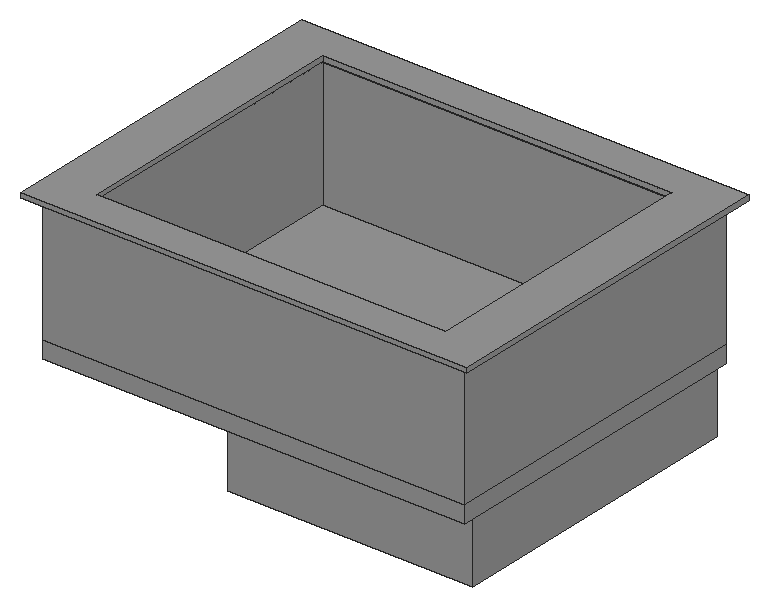
Revit family "Kühlwanne stille Kühlung GN1-1 - Zentral", category Sonderausstattung, Revit 2015
Parameters (values of type "2xGN1-1")
  Watt = 40 W
  Wand vorne Stärke = 40 mm  # constant formula
  Wand hinten Stärke = 40 mm  # constant formula
  Tiefe ohne Rahmen = Tiefe - 2 mm * 22.5  # 590 mm
  Tiefe = 635 mm  # constant formula
  Temp. Bereich = "4°C bis +10°C"
  Spannung = 230 V
  Scheinleistung = 0 VA
  Rand Stärke = 8.5 mm  # constant formula
  Rand Breite vorne = 62.5 mm  # constant formula
  Rand Breite seitlich = 87.5 mm  # constant formula
  Rand Breite hinten = 62.5 mm  # constant formula
  Pole = 1
  Material = Edelstahl AISI 304
  Kältemittel = "R404a"
  Kälteleistung = "1050 W / -10°C VT"
  Kapazität = "2 x GN 1/1, Tiefe 30 - 200 mm"
  Installationshöhe [instance] = 750 mm
  Höhe Wanne = 270 mm  # constant formula
  Höhe Technikgehäuse = 110 mm  # constant formula
  Höhe = Höhe Wanne + Höhe Technikgehäuse  # 380 mm
  DN Tauwasserabfluß = 25.4 mm
  DN Saugleitung = 10 mm
  DN Flüssigkeitsleitung = 6 mm
  Breite ohne Rahmen = Breite - 2 mm * 22  # 761 mm
  Breite Technikgehäuse = 442 mm  # constant formula
  Wand Seiten Stärke = 65.5 mm  # constant formula
  Breite = 805 mm
  Boden Stärke = 30 mm  # constant formula
  Artikelnr. = "KWOS021100"
Types (4, lengths in mm): name | Kälteleistung | Kapazität | Breite ohne Rahmen | Breite | Artikelnr.
  2xGN1-1 | "1050 W / -10°C VT" | "2 x GN 1/1, Tiefe 30 - 200 mm" | 761 | 805 | "KWOS021100"
  3xGN1-1 | "1050 W / -10°C VT" | "3 x GN 1/1, Tiefe 30 - 200 mm" | 1091 | 1135 | "KWOS031100"
  4xGN1-1 | "1050 W / -10°C VT" | "4 x GN 1/1, Tiefe 30 - 200 mm" | 1411 | 1455 | "KWOS041100"
  5xGN1-1 | "1330 W / -10°C VT" | "5 x GN 1/1, Tiefe 30 - 200 mm" | 1736 | 1780 | "KWOS051100"
Reference planes
  plane 1 "Mitte (Vorne/Hinten)": y = 0
  plane 2: z = 0
  plane 3 "Mitte (Links/Rechts)": x = 0
  plane 4: y = -635
  plane 5: x = -805
  plane 6: z = 750
  plane 7: z = 480
  plane 8 "UK": z = 370
  plane 9: x = -464
  plane 10: x = -783
  plane 11: x = -22
  plane 12: y = -22.5
  plane 13: y = -612.5
  plane 14: y = -62.5
  plane 15: y = -572.5
  plane 16: x = -717.5
  plane 17: x = -87.5
  plane 18: z = 510
  plane 19: z = 741.5
  plane 20 "Technikgehäuse vorne": y = -592.5
  plane 21: y = -42.5
  plane 22: y = -62.5
  plane 23: y = -572.5
  plane 24 "Elektroanschluss": z = 370
  plane 25: y = -384.5
  plane 26 "Tauwasserabfluß": z = 370
  plane 27: y = -102.5
  plane 28: x = -403
  plane 29: x = -264
  plane 30: x = -84
  plane 31: y = -255
  plane 32: x = -34
  plane 33: x = -717.5
  plane 34: x = -87.5
Forms (mm)
  Extrusion 1, solid, material "Edelstahl AISI 304" <- "Material"
    sketch origin (0, 0, 150) x (-1, 0, 0) y (0, -1, 0)
      loop
        line (22, 42.5) -> (464, 42.5) -> (464, 592.5) -> (22, 592.5) -> (22, 42.5)
    from 330 to 220
  Extrusion 2, solid, material "Edelstahl AISI 304" <- "Material", detail levels medium+fine
    sketch origin (0, 0, 150) x (-1, 0, 0) y (0, -1, 0)
      loop
        line (783, 22.5) -> (783, 612.5) -> (22, 612.5) -> (22, 22.5) -> (783, 22.5)
      loop
        line (87.5, 572.5) -> (87.5, 62.5) -> (717.5, 62.5) -> (717.5, 572.5) -> (87.5, 572.5)
    from 591.5 to 360
  Extrusion 3, solid, material "Edelstahl AISI 304" <- "Material", detail levels medium+fine
    sketch origin (0, 0, 150) x (-1, 0, 0) y (0, -1, 0)
      loop
        line (783, 22.5) -> (783, 612.5) -> (22, 612.5) -> (22, 22.5) -> (783, 22.5)
    from 360 to 330
  Extrusion 4, solid, material "Edelstahl AISI 304" <- "Material", detail levels fine
    sketch origin (0, 0, 150) x (-1, 0, 0) y (0, -1, 0)
      loop
        line (805, 0) -> (805, 635) -> (0, 635) -> (0, 0) -> (805, 0)
      loop
        line (717.5, 62.5) -> (717.5, 572.5) -> (87.5, 572.5) -> (87.5, 62.5) -> (717.5, 62.5)
    from 600 to 591.5
  Extrusion 5, solid, not visible
    sketch origin (0, 0, 370) x (0, -1, 0) y (1, 0, 0)
      loop
        circle (102.5, -403) r 20
    from 0 to 2
  Extrusion 6, solid, not visible
    sketch origin (0, 0, 370) x (0, -1, 0) y (1, 0, 0)
      loop
        circle (384.5, -264) r 20
    from 0 to 2
  Extrusion 7, solid, not visible
    sketch origin (0, 0, 370) x (0, -1, 0) y (1, 0, 0)
      loop
        circle (255, -84) r 5
    from 0 to 2
  Extrusion 8, solid, not visible
    sketch origin (0, 0, 370) x (0, -1, 0) y (1, 0, 0)
      loop
        circle (255, -34) r 3
    from 0 to 2
  Extrusion 9, solid, material "Edelstahl AISI 304" <- "Material", detail levels coarse
    sketch origin (0, 0, 370) x (0, -1, 0) y (1, 0, 0)
      loop
        line (22.5, -783) -> (612.5, -783) -> (612.5, -22) -> (22.5, -22) -> (22.5, -783)
    from 371.5 to 110
Dimensions and locks
  "Breite": plane 5 to plane 3 "Mitte (Links/Rechts)"
  "Tiefe": plane 4 to plane 1 "Mitte (Vorne/Hinten)"
  "Installationshöhe": plane 6 to level
  "Höhe Wanne": plane 6 to plane 7
  locked: plane 13 to plane 4 at 22.5
  locked: plane 1 "Mitte (Vorne/Hinten)" to plane 12 at 22.5
  locked: plane 5 to plane 10 at 22
  locked: plane 11 to plane 3 "Mitte (Links/Rechts)" at 22
  "Wand Seiten Stärke": plane 10 to plane 16
  "Wand Seiten Stärke": plane 17 to plane 11
  "Wand vorne Stärke": plane 13 to plane 15
  "Wand hinten Stärke": plane 12 to plane 14
  "Boden Stärke": plane 18 to plane 7
  "Rand Stärke": plane 6 to plane 19
  locked: plane 12 to plane 21 at 20
  locked: plane 13 to plane 20 "Technikgehäuse vorne" at 20
  "Rand Breite hinten": plane 22 to plane 1 "Mitte (Vorne/Hinten)"
  "Rand Breite vorne": plane 23 to plane 4
  "Höhe Technikgehäuse": plane 7 to plane 8 "UK"
  locked: plane 8 "UK" to plane 24 "Elektroanschluss"
  locked: plane 8 "UK" to plane 26 "Tauwasserabfluß"
  locked: plane 28 to plane 9 at 61
  locked: plane 29 to plane 28 at 139
  locked: plane 30 to plane 29 at 180
  locked: plane 32 to plane 30 at 50
  "Rand Breite seitlich": plane 5 to plane 33
  "Rand Breite seitlich": plane 34 to plane 3 "Mitte (Links/Rechts)"
  "Breite Technikgehäuse": plane 9 to plane 11
  locked: plane 20 "Technikgehäuse vorne" to plane 25 at 208
  plane 25 to plane 31 = 129.5 mm
  plane 31 to plane 27 = 152.5 mm
  "DN Saugleitung": diameter of Extrusion 7 sketch curve
  "DN Flüssigkeitsleitung": diameter of Extrusion 8 sketch curve
  aligned and locked: level to plane 2
  aligned and locked: plane 7 to Extrusion 1
  aligned and locked: plane 8 "UK" to Extrusion 1
  aligned and locked: plane 19 to Extrusion 2
  aligned and locked: Extrusion 2 to plane 18
  aligned and locked: plane 18 to Extrusion 3
  aligned and locked: Extrusion 3 to plane 7
  aligned and locked: plane 6 to Extrusion 4
  aligned and locked: Extrusion 4 to plane 19
  aligned and locked: Extrusion 4 sketch curve to plane 33
  aligned and locked: Extrusion 4 sketch curve to plane 34
  aligned and locked: Extrusion 1 to plane 11
  aligned and locked: plane 19 to Extrusion 9
  aligned and locked: Extrusion 9 to plane 7
Automatic sketch dimensions
  Extrusion 1 sketch curve to plane 9 = 0 mm
  Extrusion 1 sketch curve to plane 21 = 0 mm
  plane 20 "Technikgehäuse vorne" to Extrusion 1 sketch curve = 0 mm
  Extrusion 2 sketch curve to plane 11 = 0 mm
  Extrusion 2 sketch curve to plane 14 = 0 mm
  Extrusion 2 sketch curve to plane 17 = 0 mm
  plane 15 to Extrusion 2 sketch curve = 0 mm
  Extrusion 2 sketch curve to plane 16 = 0 mm
  Extrusion 2 sketch curve to plane 10 = 0 mm
  Extrusion 2 sketch curve to plane 12 = 0 mm
  plane 13 to Extrusion 2 sketch curve = 0 mm
  Extrusion 3 sketch curve to plane 11 = 0 mm
  Extrusion 3 sketch curve to plane 10 = 0 mm
  Extrusion 3 sketch curve to plane 12 = 0 mm
  plane 13 to Extrusion 3 sketch curve = 0 mm
  plane 1 "Mitte (Vorne/Hinten)" to Extrusion 4 sketch curve = 0 mm
  Extrusion 4 sketch curve to plane 3 "Mitte (Links/Rechts)" = 0 mm
  Extrusion 4 sketch curve to plane 5 = 0 mm
  Extrusion 4 sketch curve to plane 22 = 0 mm
  Extrusion 4 sketch curve to plane 23 = 0 mm
  Extrusion 4 sketch curve to plane 4 = 0 mm
  plane 27 to Extrusion 5 sketch curve = 0 mm
  Extrusion 5 sketch curve to plane 28 = 0 mm
  plane 25 to Extrusion 6 sketch curve = 0 mm
  Extrusion 6 sketch curve to plane 29 = 0 mm
  Extrusion 1 sketch curve to plane 11 = 0 mm
  Extrusion 9 sketch curve to plane 11 = 0 mm
  Extrusion 9 sketch curve to plane 12 = 0 mm
  Extrusion 9 sketch curve to plane 10 = 0 mm
  plane 13 to Extrusion 9 sketch curve = 0 mm
  Extrusion 7 sketch curve to plane 30 = 0 mm
  plane 31 to Extrusion 7 sketch curve = 0 mm
  plane 31 to Extrusion 8 sketch curve = 0 mm
  Extrusion 8 sketch curve to plane 32 = 0 mm
  radius of Extrusion 5 sketch curve = 20 mm
  radius of Extrusion 6 sketch curve = 20 mm
Connectors
  electrical at (-264, -384.5, 370), driven by "Spannung", driven by "Scheinleistung", driven by "Pole"
    settings: on Extrusion 6, index 1, voltage 230 V, apparent load 0 VA, apparent load phase1 0 VA, apparent load phase2 0 VA, apparent load phase3 0 VA, power factor 1, load classification "Sonstige", number of poles 1, system type 31, power factor state 1, is connector primary yes, connector utility no, sub classification motor no, connector description ""
  piping at (-403, -102.5, 370), diameter 25.4, driven by "DN Tauwasserabfluß"
    settings: on Extrusion 5, index 2, connector inside diameter 609.6 mm, connector length 0 mm, flow factor 0, pipe flow 0.0 L/s, pressure drop 0.0 Pa, fitting loss kfactor 0, connector angle 0.00°, fixture units 0, engagement length 0 mm, angle of deflection 0.00°, flow configuration 1, flow direction 2, fitting loss method 0, system type 16, joint type 0, gender type 0, connector reference index -1, connector utility 0, adjustable connector no, is connector primary yes, connector description ""
  piping at (-84, -255, 370), diameter 10, driven by "DN Saugleitung"
    settings: on Extrusion 7, index 3, connector inside diameter 609.6 mm, connector length 0 mm, flow factor 0, pipe flow 0.0 L/s, pressure drop 0.0 Pa, fitting loss kfactor 0, connector angle 0.00°, fixture units 0, engagement length 0 mm, angle of deflection 0.00°, flow configuration 1, flow direction 1, fitting loss method 0, system type 22, joint type 0, gender type 0, connector reference index -1, connector utility 0, adjustable connector no, is connector primary no, connector description ""
  piping at (-34, -255, 370), diameter 6, driven by "DN Flüssigkeitsleitung"
    settings: on Extrusion 8, index 4, connector inside diameter 609.6 mm, connector length 0 mm, flow factor 0, pipe flow 0.0 L/s, pressure drop 0.0 Pa, fitting loss kfactor 0, connector angle 0.00°, fixture units 0, engagement length 0 mm, angle of deflection 0.00°, flow configuration 1, flow direction 1, fitting loss method 0, system type 20, joint type 0, gender type 0, connector reference index -1, connector utility 0, adjustable connector no, is connector primary no, connector description ""
